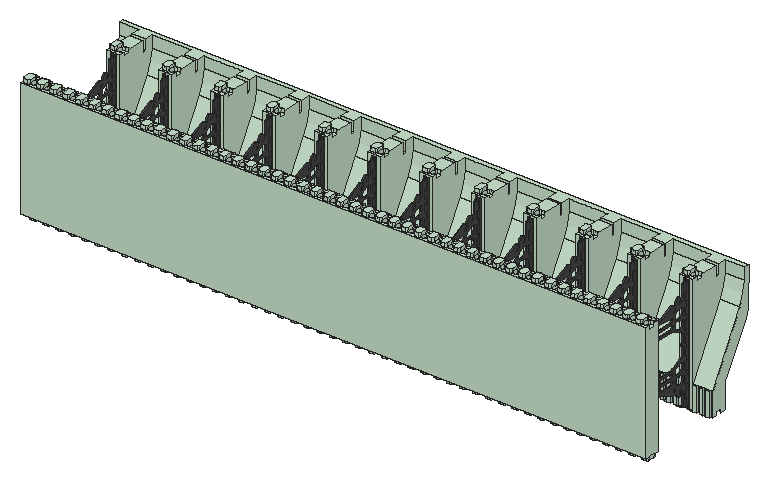
Revit family
Parameters (values of type "Standard 6" Form Unit")
  Core Thickness = 0' - 6"
Reference planes (in)
  plane 1 "Center (Front/Back)": y = -2
  plane 2: z = 0
  plane 3 "Center (Left/Right)": x = 0
  plane 4: x = 96
  plane 5: y = 3
  plane 6: y = -7
  plane 7: y = 5.625
  plane 8: y = -9.625
  plane 9: z = 18
  plane 10: z = 18.5
  plane 11: z = -0.5
Forms (in)
  Extrusion 1, solid, material "NUDURA Expanded Polystyrene Foam Insulation"
    sketch origin (0, -4, 0) x (1, 0, 0) y (0, 1, 0)
      loop
        line (0.28117, -3.25) -> (0, -3.25) -> (0, -5.625) -> (96, -5.625) -> (96, -3.25) -> (95.71883, -3.25) -> (95.78117, -3) -> (95.21883, -3) -> (95.28117, -3.25) -> (94.71883, -3.25) -> (94.78117, -3) -> (94.21883, -3) -> (94.28117, -3.25) -> (93.71883, -3.25) -> (93.78117, -3) -> (93.21883, -3) -> (93.28117, -3.25) -> (90.71883, -3.25) -> (90.78117, -3) -> (90.21883, -3) -> (90.28117, -3.25) -> (89.71883, -3.25) -> (89.78117, -3) -> (89.21883, -3) -> (89.28117, -3.25) -> (88.71883, -3.25) -> (88.78117, -3) -> (88.21883, -3) -> (88.28117, -3.25) -> (87.71883, -3.25) -> (87.78117, -3) -> (87.21883, -3) -> (87.28117, -3.25) -> (86.71883, -3.25) -> (86.78117, -3) -> (86.21883, -3) -> (86.28117, -3.25) -> (85.71883, -3.25) -> (85.78117, -3) -> (85.21883, -3) -> (85.28117, -3.25) -> (82.71883, -3.25) -> (82.78117, -3) -> (82.21883, -3) -> (82.28117, -3.25) -> (81.71883, -3.25) -> (81.78117, -3) -> (81.21883, -3) -> (81.28117, -3.25) -> (80.71883, -3.25) -> (80.78117, -3) -> (80.21883, -3) -> (80.28117, -3.25) -> (79.71883, -3.25) -> (79.78117, -3) -> (79.21883, -3) -> (79.28117, -3.25) -> (78.71883, -3.25) -> (78.78117, -3) -> (78.21883, -3) -> (78.28117, -3.25) -> (77.71883, -3.25) -> (77.78117, -3) -> (77.21883, -3) -> (77.28117, -3.25) -> (74.71883, -3.25) -> (74.78117, -3) -> (74.21883, -3) -> (74.28117, -3.25) -> (73.71883, -3.25) -> (73.78117, -3) -> (73.21883, -3) -> (73.28117, -3.25) -> (72.71883, -3.25) -> (72.78117, -3) -> (72.21883, -3) -> (72.28117, -3.25) -> (71.71883, -3.25) -> (71.78117, -3) -> (71.21883, -3) -> (71.28117, -3.25) -> (70.71883, -3.25) -> (70.78117, -3) -> (70.21883, -3) -> (70.28117, -3.25) -> (69.71883, -3.25) -> (69.78117, -3) -> (69.21883, -3) -> (69.28117, -3.25) -> (66.71883, -3.25) -> (66.78117, -3) -> (66.21883, -3) -> (66.28117, -3.25) -> (65.71883, -3.25) -> (65.78117, -3) -> (65.21883, -3) -> (65.28117, -3.25) -> (64.71883, -3.25) -> (64.78117, -3) -> (64.21883, -3) -> (64.28117, -3.25) -> (63.71883, -3.25) -> (63.78117, -3) -> (63.21883, -3) -> (63.28117, -3.25) -> (62.71883, -3.25) -> (62.78117, -3) -> (62.21883, -3) -> (62.28117, -3.25) -> (61.71883, -3.25) -> (61.78117, -3) -> (61.21883, -3) -> (61.28117, -3.25) -> (58.71883, -3.25) -> (58.78117, -3) -> (58.21883, -3) -> (58.28117, -3.25) -> (57.71883, -3.25) -> (57.78117, -3) -> (57.21883, -3) -> (57.28117, -3.25) -> (56.71883, -3.25) -> (56.78117, -3) -> (56.21883, -3) -> (56.28117, -3.25) -> (55.71883, -3.25) -> (55.78117, -3) -> (55.21883, -3) -> (55.28117, -3.25) -> (54.71883, -3.25) -> (54.78117, -3) -> (54.21883, -3) -> (54.28117, -3.25) -> (53.71883, -3.25) -> (53.78117, -3) -> (53.21883, -3) -> (53.28117, -3.25) -> (50.71883, -3.25) -> (50.78117, -3) -> (50.21883, -3) -> (50.28117, -3.25) -> (49.71883, -3.25) -> (49.78117, -3) -> (49.21883, -3) -> (49.28117, -3.25) -> (48.71883, -3.25) -> (48.78117, -3) -> (48.21883, -3) -> (48.28117, -3.25) -> (47.71883, -3.25) -> (47.78117, -3) -> (47.21883, -3) -> (47.28117, -3.25) -> (46.71883, -3.25) -> (46.78117, -3) -> (46.21883, -3) -> (46.28117, -3.25) -> (45.71883, -3.25) -> (45.78117, -3) -> (45.21883, -3) -> (45.28117, -3.25) -> (42.71883, -3.25) -> (42.78117, -3) -> (42.21883, -3) -> (42.28117, -3.25) -> (41.71883, -3.25) -> (41.78117, -3) -> (41.21883, -3) -> (41.28117, -3.25) -> (40.71883, -3.25) -> (40.78117, -3) -> (40.21883, -3) -> (40.28117, -3.25) -> (39.71883, -3.25) -> (39.78117, -3) -> (39.21883, -3) -> (39.28117, -3.25) -> (38.71883, -3.25) -> (38.78117, -3) -> (38.21883, -3) -> (38.28117, -3.25) -> (37.71883, -3.25) -> (37.78117, -3) -> (37.21883, -3) -> (37.28117, -3.25) -> (34.71883, -3.25) -> (34.78117, -3) -> (34.21883, -3) -> (34.28117, -3.25) -> (33.71883, -3.25) -> (33.78117, -3) -> (33.21883, -3) -> (33.28117, -3.25) -> (32.71883, -3.25) -> (32.78117, -3) -> (32.21883, -3) -> (32.28117, -3.25) -> (31.71883, -3.25) -> (31.78117, -3) -> (31.21883, -3) -> (31.28117, -3.25) -> (30.71883, -3.25) -> (30.78117, -3) -> (30.21883, -3) -> (30.28117, -3.25) -> (29.71883, -3.25) -> (29.78117, -3) -> (29.21883, -3) -> (29.28117, -3.25) -> (26.71883, -3.25) -> (26.78117, -3) -> (26.21883, -3) -> (26.28117, -3.25) -> (25.71883, -3.25) -> (25.78117, -3) -> (25.21883, -3) -> (25.28117, -3.25) -> (24.71883, -3.25) -> (24.78117, -3) -> (24.21883, -3) -> (24.28117, -3.25) -> (23.71883, -3.25) -> (23.78117, -3) -> (23.21883, -3) -> (23.28117, -3.25) -> (22.71883, -3.25) -> (22.78117, -3) -> (22.21883, -3) -> (22.28117, -3.25) -> (21.71883, -3.25) -> (21.78117, -3) -> (21.21883, -3) -> (21.28117, -3.25) -> (18.71883, -3.25) -> (18.78117, -3) -> (18.21883, -3) -> (18.28117, -3.25) -> (17.71883, -3.25) -> (17.78117, -3) -> (17.21883, -3) -> (17.28117, -3.25) -> (16.71883, -3.25) -> (16.78117, -3) -> (16.21883, -3) -> (16.28117, -3.25) -> (15.71883, -3.25) -> (15.78117, -3) -> (15.21883, -3) -> (15.28117, -3.25) -> (14.71883, -3.25) -> (14.78117, -3) -> (14.21883, -3) -> (14.28117, -3.25) -> (13.71883, -3.25) -> (13.78117, -3) -> (13.21883, -3) -> (13.28117, -3.25) -> (10.71883, -3.25) -> (10.78117, -3) -> (10.21883, -3) -> (10.28117, -3.25) -> (9.71883, -3.25) -> (9.78117, -3) -> (9.21883, -3) -> (9.28117, -3.25) -> (8.71883, -3.25) -> (8.78117, -3) -> (8.21883, -3) -> (8.28117, -3.25) -> (7.71883, -3.25) -> (7.78117, -3) -> (7.21883, -3) -> (7.28117, -3.25) -> (6.71883, -3.25) -> (6.78117, -3) -> (6.21883, -3) -> (6.28117, -3.25) -> (5.71883, -3.25) -> (5.78117, -3) -> (5.21883, -3) -> (5.28117, -3.25) -> (2.71883, -3.25) -> (2.78117, -3) -> (2.21883, -3) -> (2.28117, -3.25) -> (1.71883, -3.25) -> (1.78117, -3) -> (1.21883, -3) -> (1.28117, -3.25) -> (0.71883, -3.25) -> (0.78117, -3) -> (0.21883, -3) -> (0.28117, -3.25)
    from 0 to 18
  Extrusion 2, void
    sketch origin (0, -4, 0) x (1, 0, 0) y (0, 1, 0)
      loop
        arc (1, -4.89808) -> (1.04785, -5.04517) -> (1.17308, -5.13595) r 0.25
        arc (1.17308, -5.13595) -> (1.5, -5.1875) -> (1.82692, -5.13595) r 1.0625
        arc (1.82692, -5.13595) -> (1.95215, -5.04517) -> (2, -4.89808) r 0.25
        line (2, -4.89808) -> (2, -3.97692)
        arc (2, -3.97692) -> (1.98276, -3.88568) -> (1.9334, -3.80702) r 0.25
        arc (1.9334, -3.80702) -> (1.92106, -3.78736) -> (1.91675, -3.76455) r 0.0625
        line (1.91675, -3.76455) -> (1.91675, -3.41845) -> (1.74592, -3.41845) -> (1.74592, -3.64005)
        arc (1.74592, -3.64005) -> (1.72385, -3.68771) -> (1.67323, -3.70172) r 0.0625
        arc (1.67323, -3.70172) -> (1.42092, -3.69045) -> (1.17308, -3.73905) r 1.0625
        arc (1.17308, -3.73905) -> (1.04785, -3.82983) -> (1, -3.97692) r 0.25
        line (1, -3.97692) -> (1, -4.89808)
    from 18 to 17.5
  Extrusion 3, void
    sketch origin (2, -4, 0) x (1, 0, 0) y (0, 1, 0)
      loop
        arc (1, -4.89808) -> (1.04785, -5.04517) -> (1.17308, -5.13595) r 0.25
        arc (1.17308, -5.13595) -> (1.5, -5.1875) -> (1.82692, -5.13595) r 1.0625
        arc (1.82692, -5.13595) -> (1.95215, -5.04517) -> (2, -4.89808) r 0.25
        line (2, -4.89808) -> (2, -3.97692)
        arc (2, -3.97692) -> (1.98276, -3.88568) -> (1.9334, -3.80702) r 0.25
        arc (1.9334, -3.80702) -> (1.92106, -3.78736) -> (1.91675, -3.76455) r 0.0625
        line (1.91675, -3.76455) -> (1.91675, -3.41845) -> (1.74592, -3.41845) -> (1.74592, -3.64005)
        arc (1.74592, -3.64005) -> (1.72385, -3.68771) -> (1.67323, -3.70172) r 0.0625
        arc (1.67323, -3.70172) -> (1.42092, -3.69045) -> (1.17308, -3.73905) r 1.0625
        arc (1.17308, -3.73905) -> (1.04785, -3.82983) -> (1, -3.97692) r 0.25
        line (1, -3.97692) -> (1, -4.89808)
    from 18 to 17.5
  Extrusion 4, void
    sketch origin (4, -4, 0) x (1, 0, 0) y (0, 1, 0)
      loop
        arc (1, -4.89808) -> (1.04785, -5.04517) -> (1.17308, -5.13595) r 0.25
        arc (1.17308, -5.13595) -> (1.5, -5.1875) -> (1.82692, -5.13595) r 1.0625
        arc (1.82692, -5.13595) -> (1.95215, -5.04517) -> (2, -4.89808) r 0.25
        line (2, -4.89808) -> (2, -3.97692)
        arc (2, -3.97692) -> (1.98276, -3.88568) -> (1.9334, -3.80702) r 0.25
        arc (1.9334, -3.80702) -> (1.92106, -3.78736) -> (1.91675, -3.76455) r 0.0625
        line (1.91675, -3.76455) -> (1.91675, -3.41845) -> (1.74592, -3.41845) -> (1.74592, -3.64005)
        arc (1.74592, -3.64005) -> (1.72385, -3.68771) -> (1.67323, -3.70172) r 0.0625
        arc (1.67323, -3.70172) -> (1.42092, -3.69045) -> (1.17308, -3.73905) r 1.0625
        arc (1.17308, -3.73905) -> (1.04785, -3.82983) -> (1, -3.97692) r 0.25
        line (1, -3.97692) -> (1, -4.89808)
    from 18 to 17.5
  Extrusion 5, void
    sketch origin (6, -4, 0) x (1, 0, 0) y (0, 1, 0)
      loop
        arc (1, -4.89808) -> (1.04785, -5.04517) -> (1.17308, -5.13595) r 0.25
        arc (1.17308, -5.13595) -> (1.5, -5.1875) -> (1.82692, -5.13595) r 1.0625
        arc (1.82692, -5.13595) -> (1.95215, -5.04517) -> (2, -4.89808) r 0.25
        line (2, -4.89808) -> (2, -3.97692)
        arc (2, -3.97692) -> (1.98276, -3.88568) -> (1.9334, -3.80702) r 0.25
        arc (1.9334, -3.80702) -> (1.92106, -3.78736) -> (1.91675, -3.76455) r 0.0625
        line (1.91675, -3.76455) -> (1.91675, -3.41845) -> (1.74592, -3.41845) -> (1.74592, -3.64005)
        arc (1.74592, -3.64005) -> (1.72385, -3.68771) -> (1.67323, -3.70172) r 0.0625
        arc (1.67323, -3.70172) -> (1.42092, -3.69045) -> (1.17308, -3.73905) r 1.0625
        arc (1.17308, -3.73905) -> (1.04785, -3.82983) -> (1, -3.97692) r 0.25
        line (1, -3.97692) -> (1, -4.89808)
    from 18 to 17.5
  Extrusion 6, void
    sketch origin (8, -4, 0) x (1, 0, 0) y (0, 1, 0)
      loop
        arc (1, -4.89808) -> (1.04785, -5.04517) -> (1.17308, -5.13595) r 0.25
        arc (1.17308, -5.13595) -> (1.5, -5.1875) -> (1.82692, -5.13595) r 1.0625
        arc (1.82692, -5.13595) -> (1.95215, -5.04517) -> (2, -4.89808) r 0.25
        line (2, -4.89808) -> (2, -3.97692)
        arc (2, -3.97692) -> (1.98276, -3.88568) -> (1.9334, -3.80702) r 0.25
        arc (1.9334, -3.80702) -> (1.92106, -3.78736) -> (1.91675, -3.76455) r 0.0625
        line (1.91675, -3.76455) -> (1.91675, -3.41845) -> (1.74592, -3.41845) -> (1.74592, -3.64005)
        arc (1.74592, -3.64005) -> (1.72385, -3.68771) -> (1.67323, -3.70172) r 0.0625
        arc (1.67323, -3.70172) -> (1.42092, -3.69045) -> (1.17308, -3.73905) r 1.0625
        arc (1.17308, -3.73905) -> (1.04785, -3.82983) -> (1, -3.97692) r 0.25
        line (1, -3.97692) -> (1, -4.89808)
    from 18 to 17.5
  Extrusion 7, void
    sketch origin (10, -4, 0) x (1, 0, 0) y (0, 1, 0)
      loop
        arc (1, -4.89808) -> (1.04785, -5.04517) -> (1.17308, -5.13595) r 0.25
        arc (1.17308, -5.13595) -> (1.5, -5.1875) -> (1.82692, -5.13595) r 1.0625
        arc (1.82692, -5.13595) -> (1.95215, -5.04517) -> (2, -4.89808) r 0.25
        line (2, -4.89808) -> (2, -3.97692)
        arc (2, -3.97692) -> (1.98276, -3.88568) -> (1.9334, -3.80702) r 0.25
        arc (1.9334, -3.80702) -> (1.92106, -3.78736) -> (1.91675, -3.76455) r 0.0625
        line (1.91675, -3.76455) -> (1.91675, -3.41845) -> (1.74592, -3.41845) -> (1.74592, -3.64005)
        arc (1.74592, -3.64005) -> (1.72385, -3.68771) -> (1.67323, -3.70172) r 0.0625
        arc (1.67323, -3.70172) -> (1.42092, -3.69045) -> (1.17308, -3.73905) r 1.0625
        arc (1.17308, -3.73905) -> (1.04785, -3.82983) -> (1, -3.97692) r 0.25
        line (1, -3.97692) -> (1, -4.89808)
    from 18 to 17.5
  Extrusion 8, void
    sketch origin (12, -4, 0) x (1, 0, 0) y (0, 1, 0)
      loop
        arc (1, -4.89808) -> (1.04785, -5.04517) -> (1.17308, -5.13595) r 0.25
        arc (1.17308, -5.13595) -> (1.5, -5.1875) -> (1.82692, -5.13595) r 1.0625
        arc (1.82692, -5.13595) -> (1.95215, -5.04517) -> (2, -4.89808) r 0.25
        line (2, -4.89808) -> (2, -3.97692)
        arc (2, -3.97692) -> (1.98276, -3.88568) -> (1.9334, -3.80702) r 0.25
        arc (1.9334, -3.80702) -> (1.92106, -3.78736) -> (1.91675, -3.76455) r 0.0625
        line (1.91675, -3.76455) -> (1.91675, -3.41845) -> (1.74592, -3.41845) -> (1.74592, -3.64005)
        arc (1.74592, -3.64005) -> (1.72385, -3.68771) -> (1.67323, -3.70172) r 0.0625
        arc (1.67323, -3.70172) -> (1.42092, -3.69045) -> (1.17308, -3.73905) r 1.0625
        arc (1.17308, -3.73905) -> (1.04785, -3.82983) -> (1, -3.97692) r 0.25
        line (1, -3.97692) -> (1, -4.89808)
    from 18 to 17.5
  Extrusion 9, void
    sketch origin (14, -4, 0) x (1, 0, 0) y (0, 1, 0)
      loop
        arc (1, -4.89808) -> (1.04785, -5.04517) -> (1.17308, -5.13595) r 0.25
        arc (1.17308, -5.13595) -> (1.5, -5.1875) -> (1.82692, -5.13595) r 1.0625
        arc (1.82692, -5.13595) -> (1.95215, -5.04517) -> (2, -4.89808) r 0.25
        line (2, -4.89808) -> (2, -3.97692)
        arc (2, -3.97692) -> (1.98276, -3.88568) -> (1.9334, -3.80702) r 0.25
        arc (1.9334, -3.80702) -> (1.92106, -3.78736) -> (1.91675, -3.76455) r 0.0625
        line (1.91675, -3.76455) -> (1.91675, -3.41845) -> (1.74592, -3.41845) -> (1.74592, -3.64005)
        arc (1.74592, -3.64005) -> (1.72385, -3.68771) -> (1.67323, -3.70172) r 0.0625
        arc (1.67323, -3.70172) -> (1.42092, -3.69045) -> (1.17308, -3.73905) r 1.0625
        arc (1.17308, -3.73905) -> (1.04785, -3.82983) -> (1, -3.97692) r 0.25
        line (1, -3.97692) -> (1, -4.89808)
    from 18 to 17.5
  Extrusion 10, void
    sketch origin (16, -4, 0) x (1, 0, 0) y (0, 1, 0)
      loop
        arc (1, -4.89808) -> (1.04785, -5.04517) -> (1.17308, -5.13595) r 0.25
        arc (1.17308, -5.13595) -> (1.5, -5.1875) -> (1.82692, -5.13595) r 1.0625
        arc (1.82692, -5.13595) -> (1.95215, -5.04517) -> (2, -4.89808) r 0.25
        line (2, -4.89808) -> (2, -3.97692)
        arc (2, -3.97692) -> (1.98276, -3.88568) -> (1.9334, -3.80702) r 0.25
        arc (1.9334, -3.80702) -> (1.92106, -3.78736) -> (1.91675, -3.76455) r 0.0625
        line (1.91675, -3.76455) -> (1.91675, -3.41845) -> (1.74592, -3.41845) -> (1.74592, -3.64005)
        arc (1.74592, -3.64005) -> (1.72385, -3.68771) -> (1.67323, -3.70172) r 0.0625
        arc (1.67323, -3.70172) -> (1.42092, -3.69045) -> (1.17308, -3.73905) r 1.0625
        arc (1.17308, -3.73905) -> (1.04785, -3.82983) -> (1, -3.97692) r 0.25
        line (1, -3.97692) -> (1, -4.89808)
    from 18 to 17.5
  Extrusion 11, void
    sketch origin (18, -4, 0) x (1, 0, 0) y (0, 1, 0)
      loop
        arc (1, -4.89808) -> (1.04785, -5.04517) -> (1.17308, -5.13595) r 0.25
        arc (1.17308, -5.13595) -> (1.5, -5.1875) -> (1.82692, -5.13595) r 1.0625
        arc (1.82692, -5.13595) -> (1.95215, -5.04517) -> (2, -4.89808) r 0.25
        line (2, -4.89808) -> (2, -3.97692)
        arc (2, -3.97692) -> (1.98276, -3.88568) -> (1.9334, -3.80702) r 0.25
        arc (1.9334, -3.80702) -> (1.92106, -3.78736) -> (1.91675, -3.76455) r 0.0625
        line (1.91675, -3.76455) -> (1.91675, -3.41845) -> (1.74592, -3.41845) -> (1.74592, -3.64005)
        arc (1.74592, -3.64005) -> (1.72385, -3.68771) -> (1.67323, -3.70172) r 0.0625
        arc (1.67323, -3.70172) -> (1.42092, -3.69045) -> (1.17308, -3.73905) r 1.0625
        arc (1.17308, -3.73905) -> (1.04785, -3.82983) -> (1, -3.97692) r 0.25
        line (1, -3.97692) -> (1, -4.89808)
    from 18 to 17.5
  Extrusion 12, void
    sketch origin (20, -4, 0) x (1, 0, 0) y (0, 1, 0)
      loop
        arc (1, -4.89808) -> (1.04785, -5.04517) -> (1.17308, -5.13595) r 0.25
        arc (1.17308, -5.13595) -> (1.5, -5.1875) -> (1.82692, -5.13595) r 1.0625
        arc (1.82692, -5.13595) -> (1.95215, -5.04517) -> (2, -4.89808) r 0.25
        line (2, -4.89808) -> (2, -3.97692)
        arc (2, -3.97692) -> (1.98276, -3.88568) -> (1.9334, -3.80702) r 0.25
        arc (1.9334, -3.80702) -> (1.92106, -3.78736) -> (1.91675, -3.76455) r 0.0625
        line (1.91675, -3.76455) -> (1.91675, -3.41845) -> (1.74592, -3.41845) -> (1.74592, -3.64005)
        arc (1.74592, -3.64005) -> (1.72385, -3.68771) -> (1.67323, -3.70172) r 0.0625
        arc (1.67323, -3.70172) -> (1.42092, -3.69045) -> (1.17308, -3.73905) r 1.0625
        arc (1.17308, -3.73905) -> (1.04785, -3.82983) -> (1, -3.97692) r 0.25
        line (1, -3.97692) -> (1, -4.89808)
    from 18 to 17.5
  Extrusion 13, void
    sketch origin (22, -4, 0) x (1, 0, 0) y (0, 1, 0)
      loop
        arc (1, -4.89808) -> (1.04785, -5.04517) -> (1.17308, -5.13595) r 0.25
        arc (1.17308, -5.13595) -> (1.5, -5.1875) -> (1.82692, -5.13595) r 1.0625
        arc (1.82692, -5.13595) -> (1.95215, -5.04517) -> (2, -4.89808) r 0.25
        line (2, -4.89808) -> (2, -3.97692)
        arc (2, -3.97692) -> (1.98276, -3.88568) -> (1.9334, -3.80702) r 0.25
        arc (1.9334, -3.80702) -> (1.92106, -3.78736) -> (1.91675, -3.76455) r 0.0625
        line (1.91675, -3.76455) -> (1.91675, -3.41845) -> (1.74592, -3.41845) -> (1.74592, -3.64005)
        arc (1.74592, -3.64005) -> (1.72385, -3.68771) -> (1.67323, -3.70172) r 0.0625
        arc (1.67323, -3.70172) -> (1.42092, -3.69045) -> (1.17308, -3.73905) r 1.0625
        arc (1.17308, -3.73905) -> (1.04785, -3.82983) -> (1, -3.97692) r 0.25
        line (1, -3.97692) -> (1, -4.89808)
    from 18 to 17.5
  Extrusion 14, void
    sketch origin (24, -4, 0) x (1, 0, 0) y (0, 1, 0)
      loop
        arc (1, -4.89808) -> (1.04785, -5.04517) -> (1.17308, -5.13595) r 0.25
        arc (1.17308, -5.13595) -> (1.5, -5.1875) -> (1.82692, -5.13595) r 1.0625
        arc (1.82692, -5.13595) -> (1.95215, -5.04517) -> (2, -4.89808) r 0.25
        line (2, -4.89808) -> (2, -3.97692)
        arc (2, -3.97692) -> (1.98276, -3.88568) -> (1.9334, -3.80702) r 0.25
        arc (1.9334, -3.80702) -> (1.92106, -3.78736) -> (1.91675, -3.76455) r 0.0625
        line (1.91675, -3.76455) -> (1.91675, -3.41845) -> (1.74592, -3.41845) -> (1.74592, -3.64005)
        arc (1.74592, -3.64005) -> (1.72385, -3.68771) -> (1.67323, -3.70172) r 0.0625
        arc (1.67323, -3.70172) -> (1.42092, -3.69045) -> (1.17308, -3.73905) r 1.0625
        arc (1.17308, -3.73905) -> (1.04785, -3.82983) -> (1, -3.97692) r 0.25
        line (1, -3.97692) -> (1, -4.89808)
    from 18 to 17.5
  Extrusion 15, void
    sketch origin (26, -4, 0) x (1, 0, 0) y (0, 1, 0)
      loop
        arc (1, -4.89808) -> (1.04785, -5.04517) -> (1.17308, -5.13595) r 0.25
        arc (1.17308, -5.13595) -> (1.5, -5.1875) -> (1.82692, -5.13595) r 1.0625
        arc (1.82692, -5.13595) -> (1.95215, -5.04517) -> (2, -4.89808) r 0.25
        line (2, -4.89808) -> (2, -3.97692)
        arc (2, -3.97692) -> (1.98276, -3.88568) -> (1.9334, -3.80702) r 0.25
        arc (1.9334, -3.80702) -> (1.92106, -3.78736) -> (1.91675, -3.76455) r 0.0625
        line (1.91675, -3.76455) -> (1.91675, -3.41845) -> (1.74592, -3.41845) -> (1.74592, -3.64005)
        arc (1.74592, -3.64005) -> (1.72385, -3.68771) -> (1.67323, -3.70172) r 0.0625
        arc (1.67323, -3.70172) -> (1.42092, -3.69045) -> (1.17308, -3.73905) r 1.0625
        arc (1.17308, -3.73905) -> (1.04785, -3.82983) -> (1, -3.97692) r 0.25
        line (1, -3.97692) -> (1, -4.89808)
    from 18 to 17.5
  Extrusion 16, void
    sketch origin (28, -4, 0) x (1, 0, 0) y (0, 1, 0)
      loop
        arc (1, -4.89808) -> (1.04785, -5.04517) -> (1.17308, -5.13595) r 0.25
        arc (1.17308, -5.13595) -> (1.5, -5.1875) -> (1.82692, -5.13595) r 1.0625
        arc (1.82692, -5.13595) -> (1.95215, -5.04517) -> (2, -4.89808) r 0.25
        line (2, -4.89808) -> (2, -3.97692)
        arc (2, -3.97692) -> (1.98276, -3.88568) -> (1.9334, -3.80702) r 0.25
        arc (1.9334, -3.80702) -> (1.92106, -3.78736) -> (1.91675, -3.76455) r 0.0625
        line (1.91675, -3.76455) -> (1.91675, -3.41845) -> (1.74592, -3.41845) -> (1.74592, -3.64005)
        arc (1.74592, -3.64005) -> (1.72385, -3.68771) -> (1.67323, -3.70172) r 0.0625
        arc (1.67323, -3.70172) -> (1.42092, -3.69045) -> (1.17308, -3.73905) r 1.0625
        arc (1.17308, -3.73905) -> (1.04785, -3.82983) -> (1, -3.97692) r 0.25
        line (1, -3.97692) -> (1, -4.89808)
    from 18 to 17.5
  Extrusion 17, void
    sketch origin (30, -4, 0) x (1, 0, 0) y (0, 1, 0)
      loop
        arc (1, -4.89808) -> (1.04785, -5.04517) -> (1.17308, -5.13595) r 0.25
        arc (1.17308, -5.13595) -> (1.5, -5.1875) -> (1.82692, -5.13595) r 1.0625
        arc (1.82692, -5.13595) -> (1.95215, -5.04517) -> (2, -4.89808) r 0.25
        line (2, -4.89808) -> (2, -3.97692)
        arc (2, -3.97692) -> (1.98276, -3.88568) -> (1.9334, -3.80702) r 0.25
        arc (1.9334, -3.80702) -> (1.92106, -3.78736) -> (1.91675, -3.76455) r 0.0625
        line (1.91675, -3.76455) -> (1.91675, -3.41845) -> (1.74592, -3.41845) -> (1.74592, -3.64005)
        arc (1.74592, -3.64005) -> (1.72385, -3.68771) -> (1.67323, -3.70172) r 0.0625
        arc (1.67323, -3.70172) -> (1.42092, -3.69045) -> (1.17308, -3.73905) r 1.0625
        arc (1.17308, -3.73905) -> (1.04785, -3.82983) -> (1, -3.97692) r 0.25
        line (1, -3.97692) -> (1, -4.89808)
    from 18 to 17.5
  Extrusion 18, void
    sketch origin (32, -4, 0) x (1, 0, 0) y (0, 1, 0)
      loop
        arc (1, -4.89808) -> (1.04785, -5.04517) -> (1.17308, -5.13595) r 0.25
        arc (1.17308, -5.13595) -> (1.5, -5.1875) -> (1.82692, -5.13595) r 1.0625
        arc (1.82692, -5.13595) -> (1.95215, -5.04517) -> (2, -4.89808) r 0.25
        line (2, -4.89808) -> (2, -3.97692)
        arc (2, -3.97692) -> (1.98276, -3.88568) -> (1.9334, -3.80702) r 0.25
        arc (1.9334, -3.80702) -> (1.92106, -3.78736) -> (1.91675, -3.76455) r 0.0625
        line (1.91675, -3.76455) -> (1.91675, -3.41845) -> (1.74592, -3.41845) -> (1.74592, -3.64005)
        arc (1.74592, -3.64005) -> (1.72385, -3.68771) -> (1.67323, -3.70172) r 0.0625
        arc (1.67323, -3.70172) -> (1.42092, -3.69045) -> (1.17308, -3.73905) r 1.0625
        arc (1.17308, -3.73905) -> (1.04785, -3.82983) -> (1, -3.97692) r 0.25
        line (1, -3.97692) -> (1, -4.89808)
    from 18 to 17.5
  Extrusion 19, void
    sketch origin (34, -4, 0) x (1, 0, 0) y (0, 1, 0)
      loop
        arc (1, -4.89808) -> (1.04785, -5.04517) -> (1.17308, -5.13595) r 0.25
        arc (1.17308, -5.13595) -> (1.5, -5.1875) -> (1.82692, -5.13595) r 1.0625
        arc (1.82692, -5.13595) -> (1.95215, -5.04517) -> (2, -4.89808) r 0.25
        line (2, -4.89808) -> (2, -3.97692)
        arc (2, -3.97692) -> (1.98276, -3.88568) -> (1.9334, -3.80702) r 0.25
        arc (1.9334, -3.80702) -> (1.92106, -3.78736) -> (1.91675, -3.76455) r 0.0625
        line (1.91675, -3.76455) -> (1.91675, -3.41845) -> (1.74592, -3.41845) -> (1.74592, -3.64005)
        arc (1.74592, -3.64005) -> (1.72385, -3.68771) -> (1.67323, -3.70172) r 0.0625
        arc (1.67323, -3.70172) -> (1.42092, -3.69045) -> (1.17308, -3.73905) r 1.0625
        arc (1.17308, -3.73905) -> (1.04785, -3.82983) -> (1, -3.97692) r 0.25
        line (1, -3.97692) -> (1, -4.89808)
    from 18 to 17.5
  Extrusion 20, void
    sketch origin (36, -4, 0) x (1, 0, 0) y (0, 1, 0)
      loop
        arc (1, -4.89808) -> (1.04785, -5.04517) -> (1.17308, -5.13595) r 0.25
        arc (1.17308, -5.13595) -> (1.5, -5.1875) -> (1.82692, -5.13595) r 1.0625
        arc (1.82692, -5.13595) -> (1.95215, -5.04517) -> (2, -4.89808) r 0.25
        line (2, -4.89808) -> (2, -3.97692)
        arc (2, -3.97692) -> (1.98276, -3.88568) -> (1.9334, -3.80702) r 0.25
        arc (1.9334, -3.80702) -> (1.92106, -3.78736) -> (1.91675, -3.76455) r 0.0625
        line (1.91675, -3.76455) -> (1.91675, -3.41845) -> (1.74592, -3.41845) -> (1.74592, -3.64005)
        arc (1.74592, -3.64005) -> (1.72385, -3.68771) -> (1.67323, -3.70172) r 0.0625
        arc (1.67323, -3.70172) -> (1.42092, -3.69045) -> (1.17308, -3.73905) r 1.0625
        arc (1.17308, -3.73905) -> (1.04785, -3.82983) -> (1, -3.97692) r 0.25
        line (1, -3.97692) -> (1, -4.89808)
    from 18 to 17.5
  Extrusion 21, void
    sketch origin (38, -4, 0) x (1, 0, 0) y (0, 1, 0)
      loop
        arc (1, -4.89808) -> (1.04785, -5.04517) -> (1.17308, -5.13595) r 0.25
        arc (1.17308, -5.13595) -> (1.5, -5.1875) -> (1.82692, -5.13595) r 1.0625
        arc (1.82692, -5.13595) -> (1.95215, -5.04517) -> (2, -4.89808) r 0.25
        line (2, -4.89808) -> (2, -3.97692)
        arc (2, -3.97692) -> (1.98276, -3.88568) -> (1.9334, -3.80702) r 0.25
        arc (1.9334, -3.80702) -> (1.92106, -3.78736) -> (1.91675, -3.76455) r 0.0625
        line (1.91675, -3.76455) -> (1.91675, -3.41845) -> (1.74592, -3.41845) -> (1.74592, -3.64005)
        arc (1.74592, -3.64005) -> (1.72385, -3.68771) -> (1.67323, -3.70172) r 0.0625
        arc (1.67323, -3.70172) -> (1.42092, -3.69045) -> (1.17308, -3.73905) r 1.0625
        arc (1.17308, -3.73905) -> (1.04785, -3.82983) -> (1, -3.97692) r 0.25
        line (1, -3.97692) -> (1, -4.89808)
    from 18 to 17.5
  Extrusion 22, void
    sketch origin (40, -4, 0) x (1, 0, 0) y (0, 1, 0)
      loop
        arc (1, -4.89808) -> (1.04785, -5.04517) -> (1.17308, -5.13595) r 0.25
        arc (1.17308, -5.13595) -> (1.5, -5.1875) -> (1.82692, -5.13595) r 1.0625
        arc (1.82692, -5.13595) -> (1.95215, -5.04517) -> (2, -4.89808) r 0.25
        line (2, -4.89808) -> (2, -3.97692)
        arc (2, -3.97692) -> (1.98276, -3.88568) -> (1.9334, -3.80702) r 0.25
        arc (1.9334, -3.80702) -> (1.92106, -3.78736) -> (1.91675, -3.76455) r 0.0625
        line (1.91675, -3.76455) -> (1.91675, -3.41845) -> (1.74592, -3.41845) -> (1.74592, -3.64005)
        arc (1.74592, -3.64005) -> (1.72385, -3.68771) -> (1.67323, -3.70172) r 0.0625
        arc (1.67323, -3.70172) -> (1.42092, -3.69045) -> (1.17308, -3.73905) r 1.0625
        arc (1.17308, -3.73905) -> (1.04785, -3.82983) -> (1, -3.97692) r 0.25
        line (1, -3.97692) -> (1, -4.89808)
    from 18 to 17.5
  Extrusion 23, void
    sketch origin (42, -4, 0) x (1, 0, 0) y (0, 1, 0)
      loop
        arc (1, -4.89808) -> (1.04785, -5.04517) -> (1.17308, -5.13595) r 0.25
        arc (1.17308, -5.13595) -> (1.5, -5.1875) -> (1.82692, -5.13595) r 1.0625
        arc (1.82692, -5.13595) -> (1.95215, -5.04517) -> (2, -4.89808) r 0.25
        line (2, -4.89808) -> (2, -3.97692)
        arc (2, -3.97692) -> (1.98276, -3.88568) -> (1.9334, -3.80702) r 0.25
        arc (1.9334, -3.80702) -> (1.92106, -3.78736) -> (1.91675, -3.76455) r 0.0625
        line (1.91675, -3.76455) -> (1.91675, -3.41845) -> (1.74592, -3.41845) -> (1.74592, -3.64005)
        arc (1.74592, -3.64005) -> (1.72385, -3.68771) -> (1.67323, -3.70172) r 0.0625
        arc (1.67323, -3.70172) -> (1.42092, -3.69045) -> (1.17308, -3.73905) r 1.0625
        arc (1.17308, -3.73905) -> (1.04785, -3.82983) -> (1, -3.97692) r 0.25
        line (1, -3.97692) -> (1, -4.89808)
    from 18 to 17.5
  Extrusion 24, void
    sketch origin (44, -4, 0) x (1, 0, 0) y (0, 1, 0)
      loop
        arc (1, -4.89808) -> (1.04785, -5.04517) -> (1.17308, -5.13595) r 0.25
        arc (1.17308, -5.13595) -> (1.5, -5.1875) -> (1.82692, -5.13595) r 1.0625
        arc (1.82692, -5.13595) -> (1.95215, -5.04517) -> (2, -4.89808) r 0.25
        line (2, -4.89808) -> (2, -3.97692)
        arc (2, -3.97692) -> (1.98276, -3.88568) -> (1.9334, -3.80702) r 0.25
        arc (1.9334, -3.80702) -> (1.92106, -3.78736) -> (1.91675, -3.76455) r 0.0625
        line (1.91675, -3.76455) -> (1.91675, -3.41845) -> (1.74592, -3.41845) -> (1.74592, -3.64005)
        arc (1.74592, -3.64005) -> (1.72385, -3.68771) -> (1.67323, -3.70172) r 0.0625
        arc (1.67323, -3.70172) -> (1.42092, -3.69045) -> (1.17308, -3.73905) r 1.0625
        arc (1.17308, -3.73905) -> (1.04785, -3.82983) -> (1, -3.97692) r 0.25
        line (1, -3.97692) -> (1, -4.89808)
    from 18 to 17.5
  Extrusion 25, void
    sketch origin (46, -4, 0) x (1, 0, 0) y (0, 1, 0)
      loop
        arc (1, -4.89808) -> (1.04785, -5.04517) -> (1.17308, -5.13595) r 0.25
        arc (1.17308, -5.13595) -> (1.5, -5.1875) -> (1.82692, -5.13595) r 1.0625
        arc (1.82692, -5.13595) -> (1.95215, -5.04517) -> (2, -4.89808) r 0.25
        line (2, -4.89808) -> (2, -3.97692)
        arc (2, -3.97692) -> (1.98276, -3.88568) -> (1.9334, -3.80702) r 0.25
        arc (1.9334, -3.80702) -> (1.92106, -3.78736) -> (1.91675, -3.76455) r 0.0625
        line (1.91675, -3.76455) -> (1.91675, -3.41845) -> (1.74592, -3.41845) -> (1.74592, -3.64005)
        arc (1.74592, -3.64005) -> (1.72385, -3.68771) -> (1.67323, -3.70172) r 0.0625
        arc (1.67323, -3.70172) -> (1.42092, -3.69045) -> (1.17308, -3.73905) r 1.0625
        arc (1.17308, -3.73905) -> (1.04785, -3.82983) -> (1, -3.97692) r 0.25
        line (1, -3.97692) -> (1, -4.89808)
    from 18 to 17.5
  Extrusion 26, void
    sketch origin (48, -4, 0) x (1, 0, 0) y (0, 1, 0)
      loop
        arc (1, -4.89808) -> (1.04785, -5.04517) -> (1.17308, -5.13595) r 0.25
        arc (1.17308, -5.13595) -> (1.5, -5.1875) -> (1.82692, -5.13595) r 1.0625
        arc (1.82692, -5.13595) -> (1.95215, -5.04517) -> (2, -4.89808) r 0.25
        line (2, -4.89808) -> (2, -3.97692)
        arc (2, -3.97692) -> (1.98276, -3.88568) -> (1.9334, -3.80702) r 0.25
        arc (1.9334, -3.80702) -> (1.92106, -3.78736) -> (1.91675, -3.76455) r 0.0625
        line (1.91675, -3.76455) -> (1.91675, -3.41845) -> (1.74592, -3.41845) -> (1.74592, -3.64005)
        arc (1.74592, -3.64005) -> (1.72385, -3.68771) -> (1.67323, -3.70172) r 0.0625
        arc (1.67323, -3.70172) -> (1.42092, -3.69045) -> (1.17308, -3.73905) r 1.0625
        arc (1.17308, -3.73905) -> (1.04785, -3.82983) -> (1, -3.97692) r 0.25
        line (1, -3.97692) -> (1, -4.89808)
    from 18 to 17.5
  Extrusion 27, void
    sketch origin (50, -4, 0) x (1, 0, 0) y (0, 1, 0)
      loop
        arc (1, -4.89808) -> (1.04785, -5.04517) -> (1.17308, -5.13595) r 0.25
        arc (1.17308, -5.13595) -> (1.5, -5.1875) -> (1.82692, -5.13595) r 1.0625
        arc (1.82692, -5.13595) -> (1.95215, -5.04517) -> (2, -4.89808) r 0.25
        line (2, -4.89808) -> (2, -3.97692)
        arc (2, -3.97692) -> (1.98276, -3.88568) -> (1.9334, -3.80702) r 0.25
        arc (1.9334, -3.80702) -> (1.92106, -3.78736) -> (1.91675, -3.76455) r 0.0625
        line (1.91675, -3.76455) -> (1.91675, -3.41845) -> (1.74592, -3.41845) -> (1.74592, -3.64005)
        arc (1.74592, -3.64005) -> (1.72385, -3.68771) -> (1.67323, -3.70172) r 0.0625
        arc (1.67323, -3.70172) -> (1.42092, -3.69045) -> (1.17308, -3.73905) r 1.0625
        arc (1.17308, -3.73905) -> (1.04785, -3.82983) -> (1, -3.97692) r 0.25
        line (1, -3.97692) -> (1, -4.89808)
    from 18 to 17.5
  Extrusion 28, void
    sketch origin (52, -4, 0) x (1, 0, 0) y (0, 1, 0)
      loop
        arc (1, -4.89808) -> (1.04785, -5.04517) -> (1.17308, -5.13595) r 0.25
        arc (1.17308, -5.13595) -> (1.5, -5.1875) -> (1.82692, -5.13595) r 1.0625
        arc (1.82692, -5.13595) -> (1.95215, -5.04517) -> (2, -4.89808) r 0.25
        line (2, -4.89808) -> (2, -3.97692)
        arc (2, -3.97692) -> (1.98276, -3.88568) -> (1.9334, -3.80702) r 0.25
        arc (1.9334, -3.80702) -> (1.92106, -3.78736) -> (1.91675, -3.76455) r 0.0625
        line (1.91675, -3.76455) -> (1.91675, -3.41845) -> (1.74592, -3.41845) -> (1.74592, -3.64005)
        arc (1.74592, -3.64005) -> (1.72385, -3.68771) -> (1.67323, -3.70172) r 0.0625
        arc (1.67323, -3.70172) -> (1.42092, -3.69045) -> (1.17308, -3.73905) r 1.0625
        arc (1.17308, -3.73905) -> (1.04785, -3.82983) -> (1, -3.97692) r 0.25
        line (1, -3.97692) -> (1, -4.89808)
    from 18 to 17.5
  Extrusion 29, void
    sketch origin (54, -4, 0) x (1, 0, 0) y (0, 1, 0)
      loop
        arc (1, -4.89808) -> (1.04785, -5.04517) -> (1.17308, -5.13595) r 0.25
        arc (1.17308, -5.13595) -> (1.5, -5.1875) -> (1.82692, -5.13595) r 1.0625
        arc (1.82692, -5.13595) -> (1.95215, -5.04517) -> (2, -4.89808) r 0.25
        line (2, -4.89808) -> (2, -3.97692)
        arc (2, -3.97692) -> (1.98276, -3.88568) -> (1.9334, -3.80702) r 0.25
        arc (1.9334, -3.80702) -> (1.92106, -3.78736) -> (1.91675, -3.76455) r 0.0625
        line (1.91675, -3.76455) -> (1.91675, -3.41845) -> (1.74592, -3.41845) -> (1.74592, -3.64005)
        arc (1.74592, -3.64005) -> (1.72385, -3.68771) -> (1.67323, -3.70172) r 0.0625
        arc (1.67323, -3.70172) -> (1.42092, -3.69045) -> (1.17308, -3.73905) r 1.0625
        arc (1.17308, -3.73905) -> (1.04785, -3.82983) -> (1, -3.97692) r 0.25
        line (1, -3.97692) -> (1, -4.89808)
    from 18 to 17.5
  Extrusion 30, void
    sketch origin (56, -4, 0) x (1, 0, 0) y (0, 1, 0)
      loop
        arc (1, -4.89808) -> (1.04785, -5.04517) -> (1.17308, -5.13595) r 0.25
        arc (1.17308, -5.13595) -> (1.5, -5.1875) -> (1.82692, -5.13595) r 1.0625
        arc (1.82692, -5.13595) -> (1.95215, -5.04517) -> (2, -4.89808) r 0.25
        line (2, -4.89808) -> (2, -3.97692)
        arc (2, -3.97692) -> (1.98276, -3.88568) -> (1.9334, -3.80702) r 0.25
        arc (1.9334, -3.80702) -> (1.92106, -3.78736) -> (1.91675, -3.76455) r 0.0625
        line (1.91675, -3.76455) -> (1.91675, -3.41845) -> (1.74592, -3.41845) -> (1.74592, -3.64005)
        arc (1.74592, -3.64005) -> (1.72385, -3.68771) -> (1.67323, -3.70172) r 0.0625
        arc (1.67323, -3.70172) -> (1.42092, -3.69045) -> (1.17308, -3.73905) r 1.0625
        arc (1.17308, -3.73905) -> (1.04785, -3.82983) -> (1, -3.97692) r 0.25
        line (1, -3.97692) -> (1, -4.89808)
    from 18 to 17.5
  Extrusion 31, void
    sketch origin (58, -4, 0) x (1, 0, 0) y (0, 1, 0)
      loop
        arc (1, -4.89808) -> (1.04785, -5.04517) -> (1.17308, -5.13595) r 0.25
        arc (1.17308, -5.13595) -> (1.5, -5.1875) -> (1.82692, -5.13595) r 1.0625
        arc (1.82692, -5.13595) -> (1.95215, -5.04517) -> (2, -4.89808) r 0.25
        line (2, -4.89808) -> (2, -3.97692)
        arc (2, -3.97692) -> (1.98276, -3.88568) -> (1.9334, -3.80702) r 0.25
        arc (1.9334, -3.80702) -> (1.92106, -3.78736) -> (1.91675, -3.76455) r 0.0625
        line (1.91675, -3.76455) -> (1.91675, -3.41845) -> (1.74592, -3.41845) -> (1.74592, -3.64005)
        arc (1.74592, -3.64005) -> (1.72385, -3.68771) -> (1.67323, -3.70172) r 0.0625
        arc (1.67323, -3.70172) -> (1.42092, -3.69045) -> (1.17308, -3.73905) r 1.0625
        arc (1.17308, -3.73905) -> (1.04785, -3.82983) -> (1, -3.97692) r 0.25
        line (1, -3.97692) -> (1, -4.89808)
    from 18 to 17.5
  Extrusion 32, void
    sketch origin (60, -4, 0) x (1, 0, 0) y (0, 1, 0)
      loop
        arc (1, -4.89808) -> (1.04785, -5.04517) -> (1.17308, -5.13595) r 0.25
        arc (1.17308, -5.13595) -> (1.5, -5.1875) -> (1.82692, -5.13595) r 1.0625
        arc (1.82692, -5.13595) -> (1.95215, -5.04517) -> (2, -4.89808) r 0.25
        line (2, -4.89808) -> (2, -3.97692)
        arc (2, -3.97692) -> (1.98276, -3.88568) -> (1.9334, -3.80702) r 0.25
        arc (1.9334, -3.80702) -> (1.92106, -3.78736) -> (1.91675, -3.76455) r 0.0625
        line (1.91675, -3.76455) -> (1.91675, -3.41845) -> (1.74592, -3.41845) -> (1.74592, -3.64005)
        arc (1.74592, -3.64005) -> (1.72385, -3.68771) -> (1.67323, -3.70172) r 0.0625
        arc (1.67323, -3.70172) -> (1.42092, -3.69045) -> (1.17308, -3.73905) r 1.0625
        arc (1.17308, -3.73905) -> (1.04785, -3.82983) -> (1, -3.97692) r 0.25
        line (1, -3.97692) -> (1, -4.89808)
    from 18 to 17.5
  Extrusion 33, void
    sketch origin (62, -4, 0) x (1, 0, 0) y (0, 1, 0)
      loop
        arc (1, -4.89808) -> (1.04785, -5.04517) -> (1.17308, -5.13595) r 0.25
        arc (1.17308, -5.13595) -> (1.5, -5.1875) -> (1.82692, -5.13595) r 1.0625
        arc (1.82692, -5.13595) -> (1.95215, -5.04517) -> (2, -4.89808) r 0.25
        line (2, -4.89808) -> (2, -3.97692)
        arc (2, -3.97692) -> (1.98276, -3.88568) -> (1.9334, -3.80702) r 0.25
        arc (1.9334, -3.80702) -> (1.92106, -3.78736) -> (1.91675, -3.76455) r 0.0625
        line (1.91675, -3.76455) -> (1.91675, -3.41845) -> (1.74592, -3.41845) -> (1.74592, -3.64005)
        arc (1.74592, -3.64005) -> (1.72385, -3.68771) -> (1.67323, -3.70172) r 0.0625
        arc (1.67323, -3.70172) -> (1.42092, -3.69045) -> (1.17308, -3.73905) r 1.0625
        arc (1.17308, -3.73905) -> (1.04785, -3.82983) -> (1, -3.97692) r 0.25
        line (1, -3.97692) -> (1, -4.89808)
    from 18 to 17.5
  Extrusion 34, void
    sketch origin (64, -4, 0) x (1, 0, 0) y (0, 1, 0)
      loop
        arc (1, -4.89808) -> (1.04785, -5.04517) -> (1.17308, -5.13595) r 0.25
        arc (1.17308, -5.13595) -> (1.5, -5.1875) -> (1.82692, -5.13595) r 1.0625
        arc (1.82692, -5.13595) -> (1.95215, -5.04517) -> (2, -4.89808) r 0.25
        line (2, -4.89808) -> (2, -3.97692)
        arc (2, -3.97692) -> (1.98276, -3.88568) -> (1.9334, -3.80702) r 0.25
        arc (1.9334, -3.80702) -> (1.92106, -3.78736) -> (1.91675, -3.76455) r 0.0625
        line (1.91675, -3.76455) -> (1.91675, -3.41845) -> (1.74592, -3.41845) -> (1.74592, -3.64005)
        arc (1.74592, -3.64005) -> (1.72385, -3.68771) -> (1.67323, -3.70172) r 0.0625
        arc (1.67323, -3.70172) -> (1.42092, -3.69045) -> (1.17308, -3.73905) r 1.0625
        arc (1.17308, -3.73905) -> (1.04785, -3.82983) -> (1, -3.97692) r 0.25
        line (1, -3.97692) -> (1, -4.89808)
    from 18 to 17.5
  Extrusion 35, void
    sketch origin (66, -4, 0) x (1, 0, 0) y (0, 1, 0)
      loop
        arc (1, -4.89808) -> (1.04785, -5.04517) -> (1.17308, -5.13595) r 0.25
        arc (1.17308, -5.13595) -> (1.5, -5.1875) -> (1.82692, -5.13595) r 1.0625
        arc (1.82692, -5.13595) -> (1.95215, -5.04517) -> (2, -4.89808) r 0.25
        line (2, -4.89808) -> (2, -3.97692)
        arc (2, -3.97692) -> (1.98276, -3.88568) -> (1.9334, -3.80702) r 0.25
        arc (1.9334, -3.80702) -> (1.92106, -3.78736) -> (1.91675, -3.76455) r 0.0625
        line (1.91675, -3.76455) -> (1.91675, -3.41845) -> (1.74592, -3.41845) -> (1.74592, -3.64005)
        arc (1.74592, -3.64005) -> (1.72385, -3.68771) -> (1.67323, -3.70172) r 0.0625
        arc (1.67323, -3.70172) -> (1.42092, -3.69045) -> (1.17308, -3.73905) r 1.0625
        arc (1.17308, -3.73905) -> (1.04785, -3.82983) -> (1, -3.97692) r 0.25
        line (1, -3.97692) -> (1, -4.89808)
    from 18 to 17.5
  Extrusion 36, void
    sketch origin (68, -4, 0) x (1, 0, 0) y (0, 1, 0)
      loop
        arc (1, -4.89808) -> (1.04785, -5.04517) -> (1.17308, -5.13595) r 0.25
        arc (1.17308, -5.13595) -> (1.5, -5.1875) -> (1.82692, -5.13595) r 1.0625
        arc (1.82692, -5.13595) -> (1.95215, -5.04517) -> (2, -4.89808) r 0.25
        line (2, -4.89808) -> (2, -3.97692)
        arc (2, -3.97692) -> (1.98276, -3.88568) -> (1.9334, -3.80702) r 0.25
        arc (1.9334, -3.80702) -> (1.92106, -3.78736) -> (1.91675, -3.76455) r 0.0625
        line (1.91675, -3.76455) -> (1.91675, -3.41845) -> (1.74592, -3.41845) -> (1.74592, -3.64005)
        arc (1.74592, -3.64005) -> (1.72385, -3.68771) -> (1.67323, -3.70172) r 0.0625
        arc (1.67323, -3.70172) -> (1.42092, -3.69045) -> (1.17308, -3.73905) r 1.0625
        arc (1.17308, -3.73905) -> (1.04785, -3.82983) -> (1, -3.97692) r 0.25
        line (1, -3.97692) -> (1, -4.89808)
    from 18 to 17.5
  Extrusion 37, void
    sketch origin (70, -4, 0) x (1, 0, 0) y (0, 1, 0)
      loop
        arc (1, -4.89808) -> (1.04785, -5.04517) -> (1.17308, -5.13595) r 0.25
        arc (1.17308, -5.13595) -> (1.5, -5.1875) -> (1.82692, -5.13595) r 1.0625
        arc (1.82692, -5.13595) -> (1.95215, -5.04517) -> (2, -4.89808) r 0.25
        line (2, -4.89808) -> (2, -3.97692)
        arc (2, -3.97692) -> (1.98276, -3.88568) -> (1.9334, -3.80702) r 0.25
        arc (1.9334, -3.80702) -> (1.92106, -3.78736) -> (1.91675, -3.76455) r 0.0625
        line (1.91675, -3.76455) -> (1.91675, -3.41845) -> (1.74592, -3.41845) -> (1.74592, -3.64005)
        arc (1.74592, -3.64005) -> (1.72385, -3.68771) -> (1.67323, -3.70172) r 0.0625
        arc (1.67323, -3.70172) -> (1.42092, -3.69045) -> (1.17308, -3.73905) r 1.0625
        arc (1.17308, -3.73905) -> (1.04785, -3.82983) -> (1, -3.97692) r 0.25
        line (1, -3.97692) -> (1, -4.89808)
    from 18 to 17.5
  Extrusion 38, void
    sketch origin (72, -4, 0) x (1, 0, 0) y (0, 1, 0)
      loop
        arc (1, -4.89808) -> (1.04785, -5.04517) -> (1.17308, -5.13595) r 0.25
        arc (1.17308, -5.13595) -> (1.5, -5.1875) -> (1.82692, -5.13595) r 1.0625
        arc (1.82692, -5.13595) -> (1.95215, -5.04517) -> (2, -4.89808) r 0.25
        line (2, -4.89808) -> (2, -3.97692)
        arc (2, -3.97692) -> (1.98276, -3.88568) -> (1.9334, -3.80702) r 0.25
        arc (1.9334, -3.80702) -> (1.92106, -3.78736) -> (1.91675, -3.76455) r 0.0625
        line (1.91675, -3.76455) -> (1.91675, -3.41845) -> (1.74592, -3.41845) -> (1.74592, -3.64005)
        arc (1.74592, -3.64005) -> (1.72385, -3.68771) -> (1.67323, -3.70172) r 0.0625
        arc (1.67323, -3.70172) -> (1.42092, -3.69045) -> (1.17308, -3.73905) r 1.0625
        arc (1.17308, -3.73905) -> (1.04785, -3.82983) -> (1, -3.97692) r 0.25
        line (1, -3.97692) -> (1, -4.89808)
    from 18 to 17.5
  Extrusion 39, void
    sketch origin (74, -4, 0) x (1, 0, 0) y (0, 1, 0)
      loop
        arc (1, -4.89808) -> (1.04785, -5.04517) -> (1.17308, -5.13595) r 0.25
        arc (1.17308, -5.13595) -> (1.5, -5.1875) -> (1.82692, -5.13595) r 1.0625
        arc (1.82692, -5.13595) -> (1.95215, -5.04517) -> (2, -4.89808) r 0.25
        line (2, -4.89808) -> (2, -3.97692)
        arc (2, -3.97692) -> (1.98276, -3.88568) -> (1.9334, -3.80702) r 0.25
        arc (1.9334, -3.80702) -> (1.92106, -3.78736) -> (1.91675, -3.76455) r 0.0625
        line (1.91675, -3.76455) -> (1.91675, -3.41845) -> (1.74592, -3.41845) -> (1.74592, -3.64005)
        arc (1.74592, -3.64005) -> (1.72385, -3.68771) -> (1.67323, -3.70172) r 0.0625
        arc (1.67323, -3.70172) -> (1.42092, -3.69045) -> (1.17308, -3.73905) r 1.0625
        arc (1.17308, -3.73905) -> (1.04785, -3.82983) -> (1, -3.97692) r 0.25
        line (1, -3.97692) -> (1, -4.89808)
    from 18 to 17.5
  Extrusion 40, void
    sketch origin (76, -4, 0) x (1, 0, 0) y (0, 1, 0)
      loop
        arc (1, -4.89808) -> (1.04785, -5.04517) -> (1.17308, -5.13595) r 0.25
        arc (1.17308, -5.13595) -> (1.5, -5.1875) -> (1.82692, -5.13595) r 1.0625
        arc (1.82692, -5.13595) -> (1.95215, -5.04517) -> (2, -4.89808) r 0.25
        line (2, -4.89808) -> (2, -3.97692)
        arc (2, -3.97692) -> (1.98276, -3.88568) -> (1.9334, -3.80702) r 0.25
        arc (1.9334, -3.80702) -> (1.92106, -3.78736) -> (1.91675, -3.76455) r 0.0625
        line (1.91675, -3.76455) -> (1.91675, -3.41845) -> (1.74592, -3.41845) -> (1.74592, -3.64005)
        arc (1.74592, -3.64005) -> (1.72385, -3.68771) -> (1.67323, -3.70172) r 0.0625
        arc (1.67323, -3.70172) -> (1.42092, -3.69045) -> (1.17308, -3.73905) r 1.0625
        arc (1.17308, -3.73905) -> (1.04785, -3.82983) -> (1, -3.97692) r 0.25
        line (1, -3.97692) -> (1, -4.89808)
    from 18 to 17.5
  Extrusion 41, void
    sketch origin (78, -4, 0) x (1, 0, 0) y (0, 1, 0)
      loop
        arc (1, -4.89808) -> (1.04785, -5.04517) -> (1.17308, -5.13595) r 0.25
        arc (1.17308, -5.13595) -> (1.5, -5.1875) -> (1.82692, -5.13595) r 1.0625
        arc (1.82692, -5.13595) -> (1.95215, -5.04517) -> (2, -4.89808) r 0.25
        line (2, -4.89808) -> (2, -3.97692)
        arc (2, -3.97692) -> (1.98276, -3.88568) -> (1.9334, -3.80702) r 0.25
        arc (1.9334, -3.80702) -> (1.92106, -3.78736) -> (1.91675, -3.76455) r 0.0625
        line (1.91675, -3.76455) -> (1.91675, -3.41845) -> (1.74592, -3.41845) -> (1.74592, -3.64005)
        arc (1.74592, -3.64005) -> (1.72385, -3.68771) -> (1.67323, -3.70172) r 0.0625
        arc (1.67323, -3.70172) -> (1.42092, -3.69045) -> (1.17308, -3.73905) r 1.0625
        arc (1.17308, -3.73905) -> (1.04785, -3.82983) -> (1, -3.97692) r 0.25
        line (1, -3.97692) -> (1, -4.89808)
    from 18 to 17.5
  Extrusion 42, void
    sketch origin (80, -4, 0) x (1, 0, 0) y (0, 1, 0)
      loop
        arc (1, -4.89808) -> (1.04785, -5.04517) -> (1.17308, -5.13595) r 0.25
        arc (1.17308, -5.13595) -> (1.5, -5.1875) -> (1.82692, -5.13595) r 1.0625
        arc (1.82692, -5.13595) -> (1.95215, -5.04517) -> (2, -4.89808) r 0.25
        line (2, -4.89808) -> (2, -3.97692)
        arc (2, -3.97692) -> (1.98276, -3.88568) -> (1.9334, -3.80702) r 0.25
        arc (1.9334, -3.80702) -> (1.92106, -3.78736) -> (1.91675, -3.76455) r 0.0625
        line (1.91675, -3.76455) -> (1.91675, -3.41845) -> (1.74592, -3.41845) -> (1.74592, -3.64005)
        arc (1.74592, -3.64005) -> (1.72385, -3.68771) -> (1.67323, -3.70172) r 0.0625
        arc (1.67323, -3.70172) -> (1.42092, -3.69045) -> (1.17308, -3.73905) r 1.0625
        arc (1.17308, -3.73905) -> (1.04785, -3.82983) -> (1, -3.97692) r 0.25
        line (1, -3.97692) -> (1, -4.89808)
    from 18 to 17.5
  Extrusion 43, void
    sketch origin (82, -4, 0) x (1, 0, 0) y (0, 1, 0)
      loop
        arc (1, -4.89808) -> (1.04785, -5.04517) -> (1.17308, -5.13595) r 0.25
        arc (1.17308, -5.13595) -> (1.5, -5.1875) -> (1.82692, -5.13595) r 1.0625
        arc (1.82692, -5.13595) -> (1.95215, -5.04517) -> (2, -4.89808) r 0.25
        line (2, -4.89808) -> (2, -3.97692)
        arc (2, -3.97692) -> (1.98276, -3.88568) -> (1.9334, -3.80702) r 0.25
        arc (1.9334, -3.80702) -> (1.92106, -3.78736) -> (1.91675, -3.76455) r 0.0625
        line (1.91675, -3.76455) -> (1.91675, -3.41845) -> (1.74592, -3.41845) -> (1.74592, -3.64005)
        arc (1.74592, -3.64005) -> (1.72385, -3.68771) -> (1.67323, -3.70172) r 0.0625
        arc (1.67323, -3.70172) -> (1.42092, -3.69045) -> (1.17308, -3.73905) r 1.0625
        arc (1.17308, -3.73905) -> (1.04785, -3.82983) -> (1, -3.97692) r 0.25
        line (1, -3.97692) -> (1, -4.89808)
    from 18 to 17.5
  Extrusion 44, void
    sketch origin (84, -4, 0) x (1, 0, 0) y (0, 1, 0)
      loop
        arc (1, -4.89808) -> (1.04785, -5.04517) -> (1.17308, -5.13595) r 0.25
        arc (1.17308, -5.13595) -> (1.5, -5.1875) -> (1.82692, -5.13595) r 1.0625
        arc (1.82692, -5.13595) -> (1.95215, -5.04517) -> (2, -4.89808) r 0.25
        line (2, -4.89808) -> (2, -3.97692)
        arc (2, -3.97692) -> (1.98276, -3.88568) -> (1.9334, -3.80702) r 0.25
        arc (1.9334, -3.80702) -> (1.92106, -3.78736) -> (1.91675, -3.76455) r 0.0625
        line (1.91675, -3.76455) -> (1.91675, -3.41845) -> (1.74592, -3.41845) -> (1.74592, -3.64005)
        arc (1.74592, -3.64005) -> (1.72385, -3.68771) -> (1.67323, -3.70172) r 0.0625
        arc (1.67323, -3.70172) -> (1.42092, -3.69045) -> (1.17308, -3.73905) r 1.0625
        arc (1.17308, -3.73905) -> (1.04785, -3.82983) -> (1, -3.97692) r 0.25
        line (1, -3.97692) -> (1, -4.89808)
    from 18 to 17.5
  Extrusion 45, void
    sketch origin (86, -4, 0) x (1, 0, 0) y (0, 1, 0)
      loop
        arc (1, -4.89808) -> (1.04785, -5.04517) -> (1.17308, -5.13595) r 0.25
        arc (1.17308, -5.13595) -> (1.5, -5.1875) -> (1.82692, -5.13595) r 1.0625
        arc (1.82692, -5.13595) -> (1.95215, -5.04517) -> (2, -4.89808) r 0.25
        line (2, -4.89808) -> (2, -3.97692)
        arc (2, -3.97692) -> (1.98276, -3.88568) -> (1.9334, -3.80702) r 0.25
        arc (1.9334, -3.80702) -> (1.92106, -3.78736) -> (1.91675, -3.76455) r 0.0625
        line (1.91675, -3.76455) -> (1.91675, -3.41845) -> (1.74592, -3.41845) -> (1.74592, -3.64005)
        arc (1.74592, -3.64005) -> (1.72385, -3.68771) -> (1.67323, -3.70172) r 0.0625
        arc (1.67323, -3.70172) -> (1.42092, -3.69045) -> (1.17308, -3.73905) r 1.0625
        arc (1.17308, -3.73905) -> (1.04785, -3.82983) -> (1, -3.97692) r 0.25
        line (1, -3.97692) -> (1, -4.89808)
    from 18 to 17.5
  Extrusion 46, void
    sketch origin (88, -4, 0) x (1, 0, 0) y (0, 1, 0)
      loop
        arc (1, -4.89808) -> (1.04785, -5.04517) -> (1.17308, -5.13595) r 0.25
        arc (1.17308, -5.13595) -> (1.5, -5.1875) -> (1.82692, -5.13595) r 1.0625
        arc (1.82692, -5.13595) -> (1.95215, -5.04517) -> (2, -4.89808) r 0.25
        line (2, -4.89808) -> (2, -3.97692)
        arc (2, -3.97692) -> (1.98276, -3.88568) -> (1.9334, -3.80702) r 0.25
        arc (1.9334, -3.80702) -> (1.92106, -3.78736) -> (1.91675, -3.76455) r 0.0625
        line (1.91675, -3.76455) -> (1.91675, -3.41845) -> (1.74592, -3.41845) -> (1.74592, -3.64005)
        arc (1.74592, -3.64005) -> (1.72385, -3.68771) -> (1.67323, -3.70172) r 0.0625
        arc (1.67323, -3.70172) -> (1.42092, -3.69045) -> (1.17308, -3.73905) r 1.0625
        arc (1.17308, -3.73905) -> (1.04785, -3.82983) -> (1, -3.97692) r 0.25
        line (1, -3.97692) -> (1, -4.89808)
    from 18 to 17.5
  Extrusion 47, void
    sketch origin (90, -4, 0) x (1, 0, 0) y (0, 1, 0)
      loop
        arc (1, -4.89808) -> (1.04785, -5.04517) -> (1.17308, -5.13595) r 0.25
        arc (1.17308, -5.13595) -> (1.5, -5.1875) -> (1.82692, -5.13595) r 1.0625
        arc (1.82692, -5.13595) -> (1.95215, -5.04517) -> (2, -4.89808) r 0.25
        line (2, -4.89808) -> (2, -3.97692)
        arc (2, -3.97692) -> (1.98276, -3.88568) -> (1.9334, -3.80702) r 0.25
        arc (1.9334, -3.80702) -> (1.92106, -3.78736) -> (1.91675, -3.76455) r 0.0625
        line (1.91675, -3.76455) -> (1.91675, -3.41845) -> (1.74592, -3.41845) -> (1.74592, -3.64005)
        arc (1.74592, -3.64005) -> (1.72385, -3.68771) -> (1.67323, -3.70172) r 0.0625
        arc (1.67323, -3.70172) -> (1.42092, -3.69045) -> (1.17308, -3.73905) r 1.0625
        arc (1.17308, -3.73905) -> (1.04785, -3.82983) -> (1, -3.97692) r 0.25
        line (1, -3.97692) -> (1, -4.89808)
    from 18 to 17.5
  Extrusion 48, void
    sketch origin (92, -4, 0) x (1, 0, 0) y (0, 1, 0)
      loop
        arc (1, -4.89808) -> (1.04785, -5.04517) -> (1.17308, -5.13595) r 0.25
        arc (1.17308, -5.13595) -> (1.5, -5.1875) -> (1.82692, -5.13595) r 1.0625
        arc (1.82692, -5.13595) -> (1.95215, -5.04517) -> (2, -4.89808) r 0.25
        line (2, -4.89808) -> (2, -3.97692)
        arc (2, -3.97692) -> (1.98276, -3.88568) -> (1.9334, -3.80702) r 0.25
        arc (1.9334, -3.80702) -> (1.92106, -3.78736) -> (1.91675, -3.76455) r 0.0625
        line (1.91675, -3.76455) -> (1.91675, -3.41845) -> (1.74592, -3.41845) -> (1.74592, -3.64005)
        arc (1.74592, -3.64005) -> (1.72385, -3.68771) -> (1.67323, -3.70172) r 0.0625
        arc (1.67323, -3.70172) -> (1.42092, -3.69045) -> (1.17308, -3.73905) r 1.0625
        arc (1.17308, -3.73905) -> (1.04785, -3.82983) -> (1, -3.97692) r 0.25
        line (1, -3.97692) -> (1, -4.89808)
    from 18 to 17.5
  Extrusion 49, void
    sketch origin (94, -4, 0) x (1, 0, 0) y (0, 1, 0)
      loop
        arc (1, -4.89808) -> (1.04785, -5.04517) -> (1.17308, -5.13595) r 0.25
        arc (1.17308, -5.13595) -> (1.5, -5.1875) -> (1.82692, -5.13595) r 1.0625
        arc (1.82692, -5.13595) -> (1.95215, -5.04517) -> (2, -4.89808) r 0.25
        line (2, -4.89808) -> (2, -3.97692)
        arc (2, -3.97692) -> (1.98276, -3.88568) -> (1.9334, -3.80702) r 0.25
        arc (1.9334, -3.80702) -> (1.92106, -3.78736) -> (1.91675, -3.76455) r 0.0625
        line (1.91675, -3.76455) -> (1.91675, -3.41845) -> (1.74592, -3.41845) -> (1.74592, -3.64005)
        arc (1.74592, -3.64005) -> (1.72385, -3.68771) -> (1.67323, -3.70172) r 0.0625
        arc (1.67323, -3.70172) -> (1.42092, -3.69045) -> (1.17308, -3.73905) r 1.0625
        arc (1.17308, -3.73905) -> (1.04785, -3.82983) -> (1, -3.97692) r 0.25
        line (1, -3.97692) -> (1, -4.89808)
    from 18 to 17.5
  Extrusion 50, void
    sketch origin (94, 0, 0) x (-1, 0, 0) y (0, -1, 0)
      loop
        arc (1, -4.89808) -> (1.04785, -5.04517) -> (1.17308, -5.13595) r 0.25
        arc (1.17308, -5.13595) -> (1.5, -5.1875) -> (1.82692, -5.13595) r 1.0625
        arc (1.82692, -5.13595) -> (1.95215, -5.04517) -> (2, -4.89808) r 0.25
        line (2, -4.89808) -> (2, -3.97692)
        arc (2, -3.97692) -> (1.98276, -3.88568) -> (1.9334, -3.80702) r 0.25
        arc (1.9334, -3.80702) -> (1.92106, -3.78736) -> (1.91675, -3.76455) r 0.0625
        line (1.91675, -3.76455) -> (1.91675, -3.41845) -> (1.74592, -3.41845) -> (1.74592, -3.64005)
        arc (1.74592, -3.64005) -> (1.72385, -3.68771) -> (1.67323, -3.70172) r 0.0625
        arc (1.67323, -3.70172) -> (1.42092, -3.69045) -> (1.17308, -3.73905) r 1.0625
        arc (1.17308, -3.73905) -> (1.04785, -3.82983) -> (1, -3.97692) r 0.25
        line (1, -3.97692) -> (1, -4.89808)
    from 18 to 17.5
